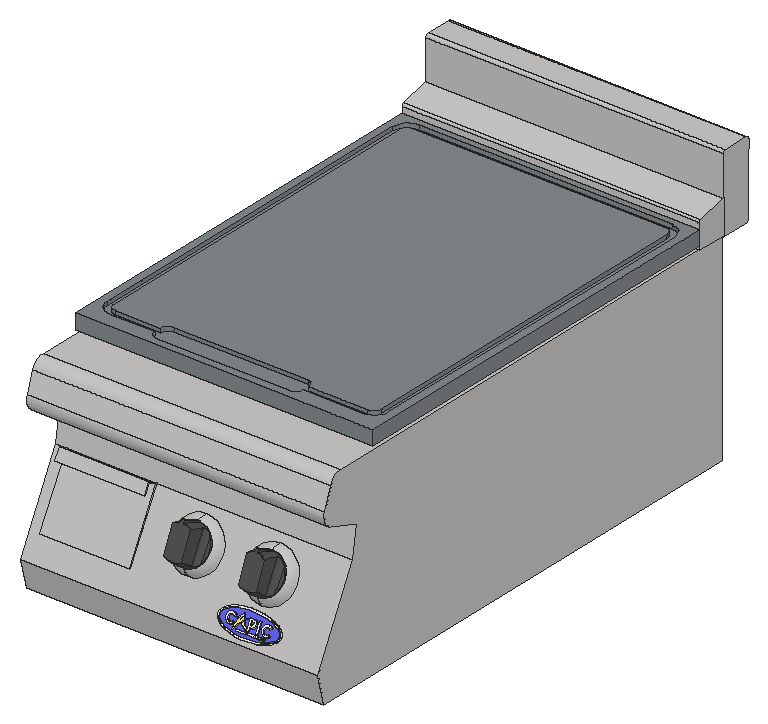
Revit family "QF_CAPIC_AVEN_W540414", category Equipement spécialisé, Revit 2018
Family settings
  Cote de connecteur circulaire = Utiliser le diamètre
  Type d'élément = Normal
  Numéro OmniClass = 23.40.40.14
  Titre OmniClass = Food Service Equipment
  Basée sur le plan de construction = Non
  Toujours verticalement = Oui
  Couper avec des vides une fois chargée = Non
  Partagée = Non
  Point de calcul de pièce = Non
Parameters (values of type "400 x 725 x 270 mm")
  URL catalogue = "http://www.capic-fr.com/fr/"
  Type de Raccord Plomberie [instance] = ""
  Type de Raccord Electrique [instance] = "Bornier interne"
  Type de Gaz = ""
  Type article [instance] = ""
  Tension = 400 V
  Spécification du Fabricant = ""
  Show Logo = yes
  Remarques evacuation [instance] = ""
  Remarques Plomberie [instance] = ""
  Remarques Electricité [instance] = "400Vx3 +T+N"
  Puissance électrique  = 5000 W
  Puissance Gaz kW = 0
  Profondeur hors tout = 725 mm
  Pression Maximum Eau Adoucie = 0.0 Pa
  Poids net à vide = 44.00 kg
  Phase = 0
  Modèle = "W540414"
  Longueur hors tout = 400 mm
  Intensité nominale = 0 A
  Hauteur hors tout = 390 mm
  Hauteur de Raccordement du Sol Finis = 703 mm
  Hauteur de Raccordement Gaz du Sol Finis = 0 mm
  Hauteur de Raccordement Evacuation Directe du Sol Finis = 0 mm
  Hauteur de Raccordement Eau Froide du Sol Finis = 0 mm
  Hauteur de Raccordement Eau Chaude du Sol Finis = 0 mm
  Hauteur de Raccordement Eau Adoucie du Sol Finis = 0 mm
  Fréquence = 50 Hz
  Fabricant = "CAPIC"
  Débit d'air d'extraction = 0.0 m³/h
  Débit Gaz = 0.0 L/s
  Débit Eau Froide = 0.0 L/s
  Débit Eau Chaude = 0.0 L/s
  Débit Eau Adoucie = 0.0 L/s
  Diamètre de Raccordement Gaz = 0 mm
  Diamètre de Raccordement Evacuation = 0 mm
  Diamètre de Raccordement Eau Froide = 0 mm
  Diamètre de Raccordement Eau Chaude = 0 mm
  Diamètre de Raccordement Eau Adoucie = 0 mm
  Description = "Grill fonte lisse"
  Assembly Code = ""
  Classification  Omniclass nombre et titre = "23.40.40.14"
Reference planes
  plane 1 "Centre (avant/arrière)": y = 0
  plane 2: z = 0
  plane 3 "Centre (gauche/droite)": x = 0
  plane 4: x = 400
Forms (mm)
  Extrusion 1, solid, material "QF_Stainless Steel-Brushed"
    sketch origin (0, -45.05, 638) x (0, 1, 0) y (0, 0, 1)
      loop
        line (1.05, 270.397) -> (-641.347, 270.397)
        arc (-641.347, 270.397) -> (-651.671, 267.142) -> (-658.261, 258.553) r 18
        line (-658.261, 258.553) -> (-667.837, 232.245)
        arc (-667.837, 232.245) -> (-667.236, 218.482) -> (-657.078, 209.174) r 18
        line (-657.078, 209.174) -> (-613.251, 193.222) -> (-619.754, 152.161) -> (-680.074, 38.717) -> (-668.972, 0) -> (0, 0) -> (0, 268.397) -> (42.05, 268.397) -> (44.05, 270.397) -> (44.05, 356.397) -> (45.05, 356.397) -> (45.05, 368.397)
        arc (45.05, 368.397) -> (43.878, 371.225) -> (41.05, 372.397) r 4
        line (41.05, 372.397) -> (7.05, 372.397)
        arc (7.05, 372.397) -> (4.222, 371.225) -> (3.05, 368.397) r 4
        line (3.05, 368.397) -> (3.05, 272.397)
        arc (3.05, 272.397) -> (2.464, 270.983) -> (1.05, 270.397) r 2
    from 0 to 400
  Extrusion 2, solid, material "QF_Stainless Steel-Brushed"
    sketch origin (0, 0, 0) x (0, 1, 0) y (0, 0, 1)
      loop
        line (-664.804, 790.161) -> (-678.048, 797.204) -> (-685.091, 783.959) -> (-684.208, 783.49) -> (-677.635, 795.851) -> (-666.157, 789.748) -> (-710.287, 706.751) -> (-709.404, 706.281) -> (-664.804, 790.161)
    from 15 to 135
  Extrusion 3, solid, material "QF_Cast Iron"
    sketch origin (0, 0, 0) x (0, 1, 0) y (0, 0, 1)
      loop
        line (-82, 933.397) -> (-632, 933.397) -> (-632, 913.397) -> (-82, 913.397) -> (-82, 933.397)
    from 0 to 400
  Extrusion 4, solid, material "QF_Stainless Steel-Brushed"
    sketch origin (0, 0, 0) x (0, 1, 0) y (0, 0, 1)
      loop
        line (-42, 953.397) -> (-79.728, 943.965)
        arc (-79.728, 943.965) -> (-81.365, 942.901) -> (-82, 941.055) r 3
        line (-82, 941.055) -> (-82, 908.397) -> (-42, 908.397) -> (-42, 953.397)
    from 0 to 400
  Extrusion 5, void
    sketch origin (0, 0, 0) x (1, 0, 0) y (0, 1, 0)
      loop
        line (10, -112) -> (10, -592)
        arc (10, -592) -> (15.858, -606.142) -> (30, -612) r 20
        line (30, -612) -> (90, -612)
        arc (90, -612) -> (92.929, -619.071) -> (100, -622) r 10
        line (100, -622) -> (280, -622)
        arc (280, -622) -> (287.071, -619.071) -> (290, -612) r 10
        line (290, -612) -> (370, -612)
        arc (370, -612) -> (384.142, -606.142) -> (390, -592) r 20
        line (390, -592) -> (390, -112)
        arc (390, -112) -> (384.142, -97.858) -> (370, -92) r 20
        line (370, -92) -> (30, -92)
        arc (30, -92) -> (15.858, -97.858) -> (10, -112) r 20
      loop
        line (20, -112) -> (20, -592)
        arc (20, -592) -> (22.929, -599.071) -> (30, -602) r 10
        line (30, -602) -> (90, -602)
        arc (90, -602) -> (92.929, -594.929) -> (100, -592) r 10
        line (100, -592) -> (280, -592)
        arc (280, -592) -> (287.071, -594.929) -> (290, -602) r 10
        line (290, -602) -> (370, -602)
        arc (370, -602) -> (377.071, -599.071) -> (380, -592) r 10
        line (380, -592) -> (380, -112)
        arc (380, -112) -> (377.071, -104.929) -> (370, -102) r 10
        line (370, -102) -> (30, -102)
        arc (30, -102) -> (22.929, -104.929) -> (20, -112) r 10
    from 928.4 to 933.397
Cuts and joins
  Extrusion 5 cuts Extrusion 3
Dimensions and locks
  "Longueur hors tout": plane 3 "Centre (gauche/droite)" to plane 4
  aligned and locked: level to plane 2
  aligned and locked: plane 4 to Extrusion 1
  aligned and locked: Extrusion 1 to plane 3 "Centre (gauche/droite)"
  aligned and locked: Extrusion 3 to Extrusion 5
Automatic sketch dimensions
  level to Extrusion 1 sketch curve = 638 mm
  plane 1 "Centre (avant/arrière)" to Extrusion 1 sketch curve = 45.05 mm
  level to Extrusion 1 sketch curve = 831.222 mm
  plane 1 "Centre (avant/arrière)" to Extrusion 1 sketch curve = 658.301 mm
  level to Extrusion 1 sketch curve = 790.161 mm
  Extrusion 1 sketch curve to Extrusion 1 sketch curve = 6.503 mm
  Extrusion 1 sketch curve to Extrusion 1 sketch curve = 28.096 mm
  Extrusion 1 sketch curve to Extrusion 1 sketch curve = 9.575 mm
  level to Extrusion 1 sketch curve = 847.174 mm
  Extrusion 1 sketch curve to Extrusion 1 sketch curve = 6.156 mm  (x2)
  level to Extrusion 1 sketch curve = 896.553 mm
  Extrusion 1 sketch curve to Extrusion 1 sketch curve = 16.914 mm  (x2)
  level to Extrusion 1 sketch curve = 870.245 mm
  Extrusion 1 sketch curve to Extrusion 1 sketch curve = 49.218 mm
  level to Extrusion 1 sketch curve = 676.717 mm
  Extrusion 1 sketch curve to Extrusion 1 sketch curve = 11.102 mm
  plane 1 "Centre (avant/arrière)" to Extrusion 1 sketch curve = 44 mm
  plane 1 "Centre (avant/arrière)" to Extrusion 1 sketch curve = 42 mm
  Extrusion 1 sketch curve to Extrusion 1 sketch curve = 4 mm  (x2)
  Extrusion 1 sketch curve to Extrusion 1 sketch curve = 34 mm
  Extrusion 1 sketch curve to Extrusion 1 sketch curve = 39 mm
  Extrusion 1 sketch curve to Extrusion 1 sketch curve = 3 mm
  Extrusion 1 sketch curve to Extrusion 1 sketch curve = 1 mm
  Extrusion 1 sketch curve to Extrusion 1 sketch curve = 2 mm
  Extrusion 1 sketch curve to Extrusion 1 sketch curve = 86 mm
  Extrusion 1 sketch curve to Extrusion 1 sketch curve = 12 mm
  plane 1 "Centre (avant/arrière)" to Extrusion 2 sketch curve = 710.287 mm
  Extrusion 2 sketch curve to Extrusion 2 sketch curve = 11.892 mm
  Extrusion 2 sketch curve to Extrusion 2 sketch curve = 0.469 mm  (x2)
  Extrusion 2 sketch curve to Extrusion 2 sketch curve = 26.079 mm
  Extrusion 2 sketch curve to Extrusion 2 sketch curve = 0.413 mm
  Extrusion 2 sketch curve to Extrusion 2 sketch curve = 7.456 mm
  level to Extrusion 2 sketch curve = 706.281 mm
  Extrusion 2 sketch curve to Extrusion 2 sketch curve = 0.883 mm
  plane 1 "Centre (avant/arrière)" to Extrusion 3 sketch curve = 632 mm
  plane 1 "Centre (avant/arrière)" to Extrusion 3 sketch curve = 82 mm
  level to Extrusion 3 sketch curve = 913.397 mm
  Extrusion 3 sketch curve to Extrusion 3 sketch curve = 20 mm
  plane 1 "Centre (avant/arrière)" to Extrusion 4 sketch curve = 82 mm
  Extrusion 4 sketch curve to Extrusion 4 sketch curve = 2.272 mm
  Extrusion 4 sketch curve to Extrusion 4 sketch curve = 0.728 mm
  Extrusion 4 sketch curve to Extrusion 4 sketch curve = 40 mm
  level to Extrusion 4 sketch curve = 908.397 mm
  Extrusion 4 sketch curve to Extrusion 4 sketch curve = 32.658 mm
  Extrusion 4 sketch curve to Extrusion 4 sketch curve = 9.432 mm
  Extrusion 5 sketch curve to Extrusion 5 sketch curve = 0 mm  (x13)
  plane 3 "Centre (gauche/droite)" to Extrusion 5 sketch curve = 10 mm
  Extrusion 5 sketch curve to Extrusion 5 sketch curve = 10 mm  (x9)
  Extrusion 5 sketch curve to Extrusion 5 sketch curve = 60 mm
  Extrusion 5 sketch curve to plane 4 = 120 mm
  Extrusion 5 sketch curve to plane 4 = 30 mm  (x2)
  plane 1 "Centre (avant/arrière)" to Extrusion 5 sketch curve = 622 mm
  plane 1 "Centre (avant/arrière)" to Extrusion 5 sketch curve = 112 mm
Nested families
  nested 1: "QF_Details_LogoCapic" at (300, -713.73, 698.145) x (1, 0, 0) z (0, -0.8829, 0.4695), visible <- "Show Logo", type "QF_Details_LogoCapic"
  nested 2: "QF_Details_BoutonCde_face" at (310, -685.811, 750.653) x (1, 0, 0) z (0, -0.8829, 0.4695), type "QF_Details_BoutonCde_face"
  nested 3: "QF_Details_BoutonCde_face" at (210, -685.811, 750.653) x (1, 0, 0) z (0, -0.8829, 0.4695), type "QF_Details_BoutonCde_face"
Definition of nested family "QF_Details_LogoCapic"
  Parameters (values of type "QF_Details_LogoCapic")
    Default Elevation = 1219.2 mm
  Reference planes
    plane 1 "Centre (avant/arrière)": y = 0
    plane 2: z = 0
    plane 3 "Centre (gauche/droite)": x = 0
  Forms (mm)
    Extrusion 1, solid
      sketch origin (0, 0, 0) x (1, 0, 0) y (0, 1, 0)
        loop
          line (-1219.2, 1219.2) -> (-1219.2, -1219.2) -> (1219.2, -1219.2) -> (1219.2, 1219.2) -> (-1219.2, 1219.2)
      from 0 to -304.8
    Extrusion 2, solid
      sketch origin (0, 0, 0) x (1, 0, 0) y (0, 1, 0)
        loop
          spline (42.486, 0) -> (41.038, 4.53) -> (36.793, 8.751) -> (30.041, 12.376) -> (21.24, 15.157) -> (10.992, 16.906) -> (-0.005, 17.502) -> (-11.003, 16.906) -> (-21.251, 15.157) -> (-30.051, 12.376) -> (-36.804, 8.751) -> (-41.048, 4.53) -> (-42.496, 0)
          spline (-42.496, 0) -> (-41.048, -4.53) -> (-36.804, -8.751) -> (-30.051, -12.376) -> (-21.251, -15.157) -> (-11.003, -16.906) -> (-0.005, -17.502) -> (10.992, -16.906) -> (21.24, -15.157) -> (30.041, -12.376) -> (36.793, -8.751) -> (41.038, -4.53) -> (42.486, 0)
        loop
          spline (40.459, 0) -> (39.08, 4.005) -> (35.038, 7.737) -> (28.607, 10.942) -> (20.227, 13.401) -> (10.468, 14.947) -> (-0.005, 15.474) -> (-10.478, 14.947) -> (-20.237, 13.401) -> (-28.618, 10.942) -> (-35.048, 7.737) -> (-39.091, 4.005) -> (-40.47, 0)
          spline (-40.47, 0) -> (-39.091, -4.005) -> (-35.048, -7.737) -> (-28.618, -10.942) -> (-20.237, -13.401) -> (-10.478, -14.947) -> (-0.005, -15.474) -> (10.468, -14.947) -> (20.227, -13.401) -> (28.607, -10.942) -> (35.038, -7.737) -> (39.08, -4.005) -> (40.459, 0)
      from 0 to 1
    Extrusion 3, solid
      sketch origin (0, 0, 0) x (1, 0, 0) y (0, 1, 0)
        loop
          spline (-40.47, 0) -> (-39.085, -4.012) -> (-35.047, -7.734) -> (-28.617, -10.941) -> (-20.237, -13.401) -> (-10.478, -14.946) -> (-0.005, -15.474) -> (10.468, -14.947) -> (20.227, -13.401) -> (28.606, -10.942) -> (35.038, -7.737) -> (39.081, -4.004) -> (40.459, 0)
          spline (40.459, 0) -> (39.075, 4.012) -> (35.037, 7.734) -> (28.607, 10.941) -> (20.227, 13.401) -> (10.467, 14.946) -> (-0.005, 15.474) -> (-10.478, 14.947) -> (-20.237, 13.401) -> (-28.617, 10.942) -> (-35.048, 7.737) -> (-39.091, 4.004) -> (-40.47, 0)
      from 0 to 1
    Extrusion 4, solid
      sketch origin (0, 0, 0.5) x (1, 0, 0) y (0, 1, 0)
        loop
          line (-20.944, 3.897) -> (-18.992, 5.849)
          arc (-18.992, 5.849) -> (-30.967, 0.712) -> (-18.902, -4.211) r 7.063
          line (-18.902, -4.211) -> (-20.854, -2.259)
          arc (-20.854, -2.259) -> (-28.207, 0.712) -> (-20.944, 3.897) r 4.303
      from 0 to 1
    Extrusion 5, solid
      sketch origin (0, 0, 0.5) x (1, 0, 0) y (0, 1, 0)
        loop
          line (-1.061, 7.837) -> (-1.061, -6.288) -> (1.738, -6.288) -> (1.738, -2.065) -> (4.782, -2.065)
          spline (4.782, -2.065) -> (5.836, -1.896) -> (6.819, -1.402) -> (7.663, -0.615) -> (8.311, 0.411) -> (8.718, 1.605) -> (8.856, 2.886) -> (8.718, 4.168) -> (8.311, 5.362) -> (7.663, 6.387) -> (6.819, 7.174) -> (5.836, 7.669) -> (4.782, 7.837)
          line (4.782, 7.837) -> (-1.061, 7.837)
        loop
          line (1.738, 5.077) -> (1.738, 0.775) -> (4.418, 0.775)
          spline (4.418, 0.775) -> (4.819, 0.848) -> (5.193, 1.063) -> (5.514, 1.405) -> (5.761, 1.85) -> (5.916, 2.369) -> (5.969, 2.926) -> (5.916, 3.483) -> (5.761, 4.002) -> (5.514, 4.447) -> (5.193, 4.789) -> (4.819, 5.004) -> (4.418, 5.077)
          line (4.418, 5.077) -> (1.738, 5.077)
      from 0 to 1
    Extrusion 6, solid
      sketch origin (0, 0, 0.5) x (1, 0, 0) y (0, 1, 0)
        loop
          line (11.122, 7.837) -> (11.122, -6.288) -> (14.009, -6.288) -> (14.009, 7.837) -> (11.122, 7.837)
      from 0 to 1
    Extrusion 7, solid
      sketch origin (47.835, 0, 0.5) x (1, 0, 0) y (0, 1, 0)
        loop
          line (-20.944, 3.897) -> (-18.992, 5.849)
          arc (-18.992, 5.849) -> (-30.967, 0.712) -> (-18.902, -4.211) r 7.063
          line (-18.902, -4.211) -> (-20.854, -2.259)
          arc (-20.854, -2.259) -> (-28.207, 0.712) -> (-20.944, 3.897) r 4.303
      from 0 to 1
    Extrusion 8, solid
      sketch origin (0, 0, 0.5) x (1, 0, 0) y (0, 1, 0)
        loop
          line (-14.086, -8.467) -> (-14.086, -10.703) -> (-0.382, -10.703) -> (-0.382, -8.467) -> (-14.086, -8.467)
        loop
          line (1.692, -7.694) -> (1.692, -10.703) -> (10.598, -10.703) -> (10.598, -7.694) -> (1.692, -7.694)
        loop
          circle (14.095, -9.117) r 1.311
        loop
          circle (18.365, -9.117) r 1.311
        loop
          circle (22.635, -9.117) r 1.311
      from 0 to 1
    Extrusion 9, solid
      sketch origin (0, 0, 0.5) x (1, 0, 0) y (0, 1, 0)
        loop
          arc (-10.078, 10.027) -> (-16.152, 0.742) -> (-18.987, -9.985) r 34.734
          arc (-18.987, -9.985) -> (-13.545, -2.96) -> (-7.054, 3.109) r 55.667
          line (-7.054, 3.109) -> (-10.078, 10.027)
        loop
          line (-10.891, 5.813) -> (-12.476, 3.068) -> (-9.306, 3.068) -> (-10.891, 5.813)
      from 0 to 1
    Extrusion 10, solid
      sketch origin (0, 0, 0.5) x (1, 0, 0) y (0, 1, 0)
        loop
          line (-17.978, 3.413) -> (-16.228, 2.092) -> (-14.209, 5.589) -> (-17.978, 3.413)
        loop
          line (-7.246, 5.196) -> (-6.474, 3.433) -> (-3.608, 5.838) -> (-7.246, 5.196)
        loop
          line (-10.905, -1.415) -> (-2.534, -6.652) -> (-6.862, 2.629) -> (-10.905, -1.415)
      from 0 to 1
  Dimensions and locks
    aligned and locked: plane 2 to Extrusion 1
    aligned and locked: level to Extrusion 1
Definition of nested family "QF_Details_BoutonCde_face"
  Parameters (values of type "QF_Details_BoutonCde_face")
    Default Elevation = 1219.2 mm
  Reference planes
    plane 1 "Centre (avant/arrière)": y = 0
    plane 2: z = 0
    plane 3 "Centre (gauche/droite)": x = 0
  Forms (mm)
    Extrusion 1, solid
      sketch origin (0, 0, 0) x (1, 0, 0) y (0, 1, 0)
        loop
          line (-1219.2, 1219.2) -> (-1219.2, -1219.2) -> (1219.2, -1219.2) -> (1219.2, 1219.2) -> (-1219.2, 1219.2)
      from 0 to -304.8
    Revolve 2, solid
      sketch origin (0, -424.122, 22.212) x (0, 0, -1) y (0, 1, 0)
        loop
          arc (5.871, 449.971) -> (-8.423, 448.326) -> (-22.417, 444.983) r 120.076
          line (-22.417, 444.983) -> (-22.417, 424.125) -> (5.871, 424.125) -> (5.871, 449.971)
        axis (5.871, 424.125) -> (-22.417, 424.125)
      angle from 0 to 360
    Extrusion 3, void
      sketch origin (0, -424.122, 22.212) x (1, 0, 0) y (0, 0, -1)
        loop
          line (-20.046, 5.019) -> (-26.533, 5.019) -> (-26.533, -26.12) -> (-11.799, -26.12) -> (-12.009, -22.113) -> (-13.084, -1.588)
          arc (-13.084, -1.588) -> (-15.247, 3.104) -> (-20.046, 5.019) r 6.971
      from 398.385 to 449.971
    Extrusion 4, void
      sketch origin (0, -424.122, 22.212) x (-1, 0, 0) y (0, 0, 1)
        loop
          arc (-20.046, -5.019) -> (-15.247, -3.104) -> (-13.084, 1.588) r 6.971
          line (-13.084, 1.588) -> (-12.009, 22.113) -> (-11.799, 26.12) -> (-26.533, 26.12) -> (-26.533, -5.019) -> (-20.046, -5.019)
      from 398.385 to 449.971
    Extrusion 5, solid
      sketch origin (0, -424.122, 22.212) x (1, 0, 0) y (0, 1, 0)
        loop
          line (-1.769, 450.075) -> (-1.769, 444.575) -> (1.769, 444.575) -> (1.769, 450.075) -> (-1.769, 450.075)
      from -5.871 to 22.417
    Revolve 6, solid
      sketch origin (0, -424.122, 22.212) x (0, 0, -1) y (0, 1, 0)
        loop
          arc (17.212, 458.76) -> (10.984, 455.085) -> (5.871, 449.971) r 28.739
          line (5.871, 449.971) -> (5.871, 424.122) -> (17.212, 424.122) -> (17.212, 458.76)
        axis (17.212, 424.122) -> (5.871, 424.122)
      angle from 0 to 360
    Extrusion 7, void
      sketch origin (0, -597.063, -962.31) x (0, 0.156434, -0.987688) y (0, 0.987688, 0.156434)
        loop
          line (-897.081, 772.866) -> (-914.868, 772.866) -> (-914.868, 714.91) -> (-901.134, 714.91) -> (-897.081, 772.866)
      from -22.625 to 23.018
  Cuts and joins
    Extrusion 3, Extrusion 4, Extrusion 7 cuts Revolve 2
    Extrusion 7 cuts Extrusion 5
    joined: Revolve 2, Extrusion 5
  Dimensions and locks
    aligned and locked: plane 2 to Extrusion 1
    aligned and locked: level to Extrusion 1
